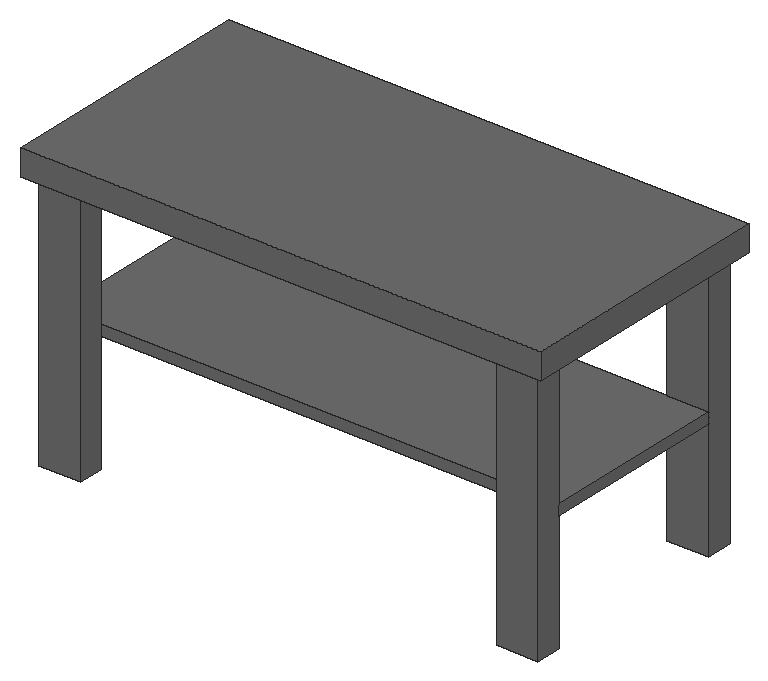
Revit family "Журнальний столик", category Мебель, Revit 2019
Family settings
  Номер OmniClass = 23.40.20.00
  Заголовок OmniClass = General Furniture and Specialties
  На основе рабочей плоскости = Нет
  Всегда вертикально = Да
  При загрузке вырезать с полостями = Нет
  Общий = Нет
  Точка расчета площади = Нет
Parameters
  Ширина [instance] = 500 mm
  Нижняя полка [instance] = yes
  Материал журнального столика [instance] = Материал журнального столика
  Type Comments = ""
  Изготовитель = "Литвинчук Артур  //  Катя Панасюк"
  Длина [instance] = 1000 mm
  Высота до полки [instance] = 250 mm
  Высота [instance] = 500 mm
  URL = "lytvynchukartur@gmail.com  //  katrinapanasyuk2218@gmail.com"
Reference planes
  plane 1 "По центру (Вперед/Назад)": y = 0
  plane 2: z = 0
  plane 3 "По центру (Влево/Вправо)": x = 0
  plane 4: x = 1000
  plane 5: y = -500
  plane 6: z = 500
  plane 7: z = 250
  plane 8: z = 550
  plane 9: z = 250
  plane 10: z = 230
  plane 11 "По центру Л/Р": y = -20
  plane 12: y = -480.681
  plane 13 "По центру Л/С": x = 20
  plane 14: x = 980
  plane 15: y = -430.681
  plane 16 "По центру Л/Т": y = -70
  plane 17 "По центру Л/У": x = 100
  plane 18: x = 900
Forms (mm)
  Extrusion 1, solid, material "Материал журнального столика" <- "Материал журнального столика"
    sketch origin (0, 0, 0) x (1, 0, 0) y (0, 1, 0)
      loop
        line (0, 0) -> (0, -500) -> (1000, -500) -> (1000, 0) -> (0, 0)
    from 500 to 550
  Extrusion 2, solid, material "Материал журнального столика" <- "Материал журнального столика"
    sketch origin (0, 0, 0) x (1, 0, 0) y (0, 1, 0)
      loop
        line (20, -20) -> (20, -70) -> (100, -70) -> (100, -20) -> (20, -20)
    from 0 to 500
  Extrusion 3, solid, material "Материал журнального столика" <- "Материал журнального столика"
    sketch origin (0, 0, 0) x (1, 0, 0) y (0, 1, 0)
      loop
        line (20, -430.681) -> (20, -480.681) -> (100, -480.681) -> (100, -430.681) -> (20, -430.681)
    from 0 to 500
  Extrusion 4, solid, material "Материал журнального столика" <- "Материал журнального столика"
    sketch origin (0, 0, 0) x (1, 0, 0) y (0, 1, 0)
      loop
        line (900, -430.681) -> (900, -480.681) -> (980, -480.681) -> (980, -430.681) -> (900, -430.681)
    from 0 to 500
  Extrusion 5, solid, material "Материал журнального столика" <- "Материал журнального столика"
    sketch origin (0, 0, 0) x (1, 0, 0) y (0, 1, 0)
      loop
        line (900, -20) -> (900, -70) -> (980, -70) -> (980, -20) -> (900, -20)
    from 0 to 500
  Extrusion 6, solid, material "Материал журнального столика" <- "Материал журнального столика", visible <- "Нижняя полка"
    sketch origin (0, 0, 0) x (1, 0, 0) y (0, 0, 1)
      loop
        line (20, 250) -> (20, 230) -> (980, 230) -> (980, 250) -> (20, 250)
    from 70 to 430.681
Dimensions and locks
  "Длина": plane 3 "По центру (Влево/Вправо)" to plane 4
  "Ширина": plane 5 to plane 1 "По центру (Вперед/Назад)"
  "Высота": plane 6 to level
  plane 3 "По центру (Влево/Вправо)" to Extrusion 1 = 1000 mm
  locked: plane 8 to plane 6 at 50
  locked: plane 13 "По центру Л/С" to plane 3 "По центру (Влево/Вправо)" at 20
  locked: plane 17 "По центру Л/У" to plane 13 "По центру Л/С" at 80
  locked: plane 14 to plane 18 at 80
  locked: plane 4 to plane 14 at 20
  locked: plane 5 to plane 12 at 19.319
  locked: plane 12 to plane 15 at 50
  locked: plane 16 "По центру Л/Т" to plane 11 "По центру Л/Р" at 50
  locked: plane 11 "По центру Л/Р" to plane 1 "По центру (Вперед/Назад)" at 20
  locked: plane 3 "По центру (Влево/Вправо)" to plane 13 "По центру Л/С" at 20
  plane 13 "По центру Л/С" to plane 17 "По центру Л/У" = 80 mm
  locked: plane 9 to plane 10 at 20
  "Высота до полки": plane 9 to level
  aligned and locked: level to plane 2
  aligned and locked: plane 1 "По центру (Вперед/Назад)" to Extrusion 1 sketch curve
  aligned and locked: Extrusion 1 sketch curve to plane 4
  aligned and locked: Extrusion 1 sketch curve to plane 5
  aligned and locked: plane 3 "По центру (Влево/Вправо)" to Extrusion 1 sketch curve
  aligned and locked: plane 8 to Extrusion 1
  aligned and locked: Extrusion 1 to plane 6
  aligned and locked: plane 11 "По центру Л/Р" to Extrusion 2 sketch curve
  aligned and locked: Extrusion 2 sketch curve to plane 16 "По центру Л/Т"
  aligned and locked: Extrusion 2 sketch curve to plane 17 "По центру Л/У"
  aligned and locked: plane 13 "По центру Л/С" to Extrusion 2 sketch curve
  aligned and locked: plane 13 "По центру Л/С" to Extrusion 3 sketch curve
  aligned and locked: Extrusion 3 sketch curve to plane 17 "По центру Л/У"
  aligned and locked: Extrusion 3 sketch curve to plane 12
  aligned and locked: plane 15 to Extrusion 3 sketch curve
  aligned and locked: plane 15 to Extrusion 4 sketch curve
  aligned and locked: Extrusion 4 sketch curve to plane 12
  aligned and locked: plane 18 to Extrusion 4 sketch curve
  aligned and locked: Extrusion 4 sketch curve to plane 14
  aligned and locked: plane 11 "По центру Л/Р" to Extrusion 5 sketch curve
  aligned and locked: Extrusion 5 sketch curve to plane 16 "По центру Л/Т"
  aligned and locked: plane 18 to Extrusion 5 sketch curve
  aligned and locked: Extrusion 5 sketch curve to plane 14
  aligned and locked: plane 6 to Extrusion 2
  aligned and locked: Extrusion 2 to level
  aligned and locked: plane 6 to Extrusion 3
  aligned and locked: Extrusion 3 to level
  aligned and locked: plane 6 to Extrusion 5
  aligned and locked: Extrusion 5 to level
  aligned and locked: plane 6 to Extrusion 4
  aligned and locked: Extrusion 4 to level
  aligned and locked: plane 10 to Extrusion 6 sketch curve
  aligned and locked: Extrusion 6 sketch curve to plane 9
  aligned and locked: plane 13 "По центру Л/С" to Extrusion 6 sketch curve
  aligned and locked: Extrusion 6 sketch curve to plane 14
  aligned and locked: Extrusion 6 to plane 16 "По центру Л/Т"
  aligned and locked: plane 15 to Extrusion 6
